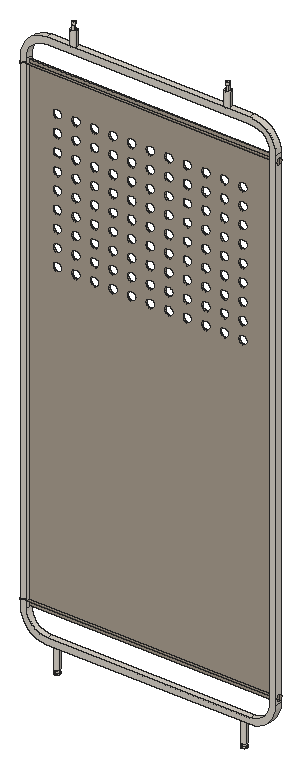
Revit family "okamura_LivesPostBeam150_BLS5D2_ライブス ポストビーム_固定パネル_フェルトパネル_900W2040H", category 家具, Revit 2017
Family settings
  OmniClass 番号 = 23.40.20.00
  OmniClass タイトル = General Furniture and Specialties
  作業面に基づく = いいえ
  常に垂直 = はい
  ロード時にボイドで切り取り = いいえ
  共有 = いいえ
  部屋計算ポイント = いいえ
Parameters (values of type "（ライトグレージュ）")
  製造元 = "株式会社オカムラ"
  製品名称 [instance] = "ライブス ポストビーム"  # constant formula
  製品コード/色仕様 = "LivesPostBeam15"  # constant formula
  製品コード [instance] = "LivesPostBeam15"  # constant formula
  色仕様名称 [instance] = "ライトグレージュ"
  色仕様コード [instance] = ""
  本体 = okm_ZH17
  導入日 [instance] = ""
  共通仕様 = ""
  備考 = ""
  シリアルNo [instance] = ""
  キーノート = "12490"
  パネル = okm_FJZ0
  アセンブリ コード = "E2020200"
  W = 900.0 mm  # constant formula
  URL = "http://www.okamura.co.jp/"
  Product_URL = ""
  ID [instance] = ""
  H = 2040.0 mm  # constant formula
  D = 21.0 mm  # constant formula
  Copyright [instance] = "©2022.10 okamura Corp."  # constant formula
Types (5, lengths in mm): name | 色仕様名称 | 本体
  (no name) | "ライトグレージュ" | okm_ZH17
  （ライトグレージュ） | "ライトグレージュ" | okm_ZH17
  （ブラック） | "ブラック" | okm_ZK25
  （ネオホワイト） | "ネオホワイト" | okm_ZA75
  （ダークグレー） | "ダークグレー" | okm_ZH15
Reference planes
  plane 1 "中心(正面/背面)": y = 0
  plane 2: z = 0
  plane 3 "中心(左/右)": x = 0
  plane 4 "左": x = -450
  plane 5 "右": x = 450
  plane 6 "背面": y = 10.5
  plane 7 "正面": y = -10.5
  plane 8 "上": z = 2040
  plane 9: z = 1990
Forms (mm)
  Extrusion 1, solid, material "okm_ZH17" <- "本体"
    sketch origin (0, 0, 0) x (1, 0, 0) y (0, 0, 1)
      loop
        line (-447.5, 1899) -> (-447.5, 176)
        arc (-447.5, 176) -> (-420.847, 111.653) -> (-356.5, 85) r 91
        line (-356.5, 85) -> (356.5, 85)
        arc (356.5, 85) -> (420.847, 111.653) -> (447.5, 176) r 91
        line (447.5, 176) -> (447.5, 1899)
        arc (447.5, 1899) -> (420.847, 1963.347) -> (356.5, 1990) r 91
        line (356.5, 1990) -> (-356.5, 1990)
        arc (-356.5, 1990) -> (-420.847, 1963.347) -> (-447.5, 1899) r 91
      loop
        arc (-426.5, 176) -> (-405.997, 126.503) -> (-356.5, 106) r 70
        line (-356.5, 106) -> (356.5, 106)
        arc (356.5, 106) -> (405.997, 126.503) -> (426.5, 176) r 70
        line (426.5, 176) -> (426.5, 1899)
        arc (426.5, 1899) -> (405.997, 1948.497) -> (356.5, 1969) r 70
        line (356.5, 1969) -> (-356.5, 1969)
        arc (-356.5, 1969) -> (-405.997, 1948.497) -> (-426.5, 1899) r 70
        line (-426.5, 1899) -> (-426.5, 176)
    from -10.5 to 10.5
  Extrusion 2, solid, material "okm_FJZ0"
    sketch origin (0, 0, 0) x (1, 0, 0) y (0, 0, 1)
      loop
        line (-426, 181.001) -> (426, 181.001) -> (426, 1894.001) -> (-426, 1894.001) -> (-426, 181.001)
      loop
        circle (0, 1755.001) r 15
      loop
        circle (0, 1695.02) r 15
      loop
        circle (0, 1635.04) r 15
      loop
        circle (0, 1515.079) r 15
      loop
        circle (0, 1575.06) r 15
      loop
        circle (0, 1275.158) r 15
      loop
        circle (0, 1335.139) r 15
      loop
        circle (0, 1395.119) r 15
      loop
        circle (0, 1455.099) r 15
      loop
        circle (64.978, 1755.001) r 15
      loop
        circle (64.978, 1695.02) r 15
      loop
        circle (64.978, 1635.04) r 15
      loop
        circle (64.978, 1515.079) r 15
      loop
        circle (64.978, 1575.06) r 15
      loop
        circle (64.978, 1275.158) r 15
      loop
        circle (64.978, 1335.139) r 15
      loop
        circle (64.978, 1395.119) r 15
      loop
        circle (64.978, 1455.099) r 15
      loop
        circle (129.957, 1755.001) r 15
      loop
        circle (129.957, 1695.02) r 15
      loop
        circle (129.957, 1635.04) r 15
      loop
        circle (129.957, 1515.079) r 15
      loop
        circle (129.957, 1575.06) r 15
      loop
        circle (129.957, 1275.158) r 15
      loop
        circle (129.957, 1335.139) r 15
      loop
        circle (129.957, 1395.119) r 15
      loop
        circle (129.957, 1455.099) r 15
      loop
        circle (259.913, 1755.001) r 15
      loop
        circle (259.913, 1695.02) r 15
      loop
        circle (259.913, 1635.04) r 15
      loop
        circle (259.913, 1515.079) r 15
      loop
        circle (259.913, 1575.06) r 15
      loop
        circle (259.913, 1275.158) r 15
      loop
        circle (259.913, 1335.139) r 15
      loop
        circle (259.913, 1395.119) r 15
      loop
        circle (259.913, 1455.099) r 15
      loop
        circle (194.935, 1755.001) r 15
      loop
        circle (194.935, 1695.02) r 15
      loop
        circle (194.935, 1635.04) r 15
      loop
        circle (194.935, 1515.079) r 15
      loop
        circle (194.935, 1575.06) r 15
      loop
        circle (194.935, 1275.158) r 15
      loop
        circle (194.935, 1335.139) r 15
      loop
        circle (194.935, 1395.119) r 15
      loop
        circle (194.935, 1455.099) r 15
      loop
        circle (324.892, 1755.001) r 15
      loop
        circle (324.892, 1695.02) r 15
      loop
        circle (324.892, 1635.04) r 15
      loop
        circle (324.892, 1515.079) r 15
      loop
        circle (324.892, 1575.06) r 15
      loop
        circle (324.892, 1275.158) r 15
      loop
        circle (324.892, 1335.139) r 15
      loop
        circle (324.892, 1395.119) r 15
      loop
        circle (324.892, 1455.099) r 15
      loop
        circle (-64.978, 1755.001) r 15
      loop
        circle (-64.978, 1695.02) r 15
      loop
        circle (-64.978, 1635.04) r 15
      loop
        circle (-64.978, 1515.079) r 15
      loop
        circle (-64.978, 1575.06) r 15
      loop
        circle (-64.978, 1275.158) r 15
      loop
        circle (-64.978, 1335.139) r 15
      loop
        circle (-64.978, 1395.119) r 15
      loop
        circle (-64.978, 1455.099) r 15
      loop
        circle (-129.957, 1755.001) r 15
      loop
        circle (-129.957, 1695.02) r 15
      loop
        circle (-129.957, 1635.04) r 15
      loop
        circle (-129.957, 1515.079) r 15
      loop
        circle (-129.957, 1575.06) r 15
      loop
        circle (-129.957, 1275.158) r 15
      loop
        circle (-129.957, 1335.139) r 15
      loop
        circle (-129.957, 1395.119) r 15
      loop
        circle (-129.957, 1455.099) r 15
      loop
        circle (-259.913, 1755.001) r 15
      loop
        circle (-259.913, 1695.02) r 15
      loop
        circle (-259.913, 1635.04) r 15
      loop
        circle (-259.913, 1515.079) r 15
      loop
        circle (-259.913, 1575.06) r 15
      loop
        circle (-259.913, 1275.158) r 15
      loop
        circle (-259.913, 1335.139) r 15
      loop
        circle (-259.913, 1395.119) r 15
      loop
        circle (-259.913, 1455.099) r 15
      loop
        circle (-194.935, 1755.001) r 15
      loop
        circle (-194.935, 1695.02) r 15
      loop
        circle (-194.935, 1635.04) r 15
      loop
        circle (-194.935, 1515.079) r 15
      loop
        circle (-194.935, 1575.06) r 15
      loop
        circle (-194.935, 1275.158) r 15
      loop
        circle (-194.935, 1335.139) r 15
      loop
        circle (-194.935, 1395.119) r 15
      loop
        circle (-194.935, 1455.099) r 15
      loop
        circle (-324.892, 1755.001) r 15
      loop
        circle (-324.892, 1695.02) r 15
      loop
        circle (-324.892, 1635.04) r 15
      loop
        circle (-324.892, 1515.079) r 15
      loop
        circle (-324.892, 1575.06) r 15
      loop
        circle (-324.892, 1275.158) r 15
      loop
        circle (-324.892, 1335.139) r 15
      loop
        circle (-324.892, 1395.119) r 15
      loop
        circle (-324.892, 1455.099) r 15
    from -1 to 1
  Revolve 3, solid, material "okm_ZH17" <- "本体"
    sketch origin (0, 0, 0) x (1, 0, 0) y (0, 0, 1)
      loop
        line (-270, 2065) -> (-276, 2065) -> (-276, 2059) -> (-274, 2059) -> (-274, 2040) -> (-280, 2040) -> (-280, 1990) -> (-270, 1990) -> (-270, 2065)
      axis (-270, 2065) -> (-270, 1990)
    angle from 0 to 360
  Revolve 4, solid, material "okm_ZH17" <- "本体"
    sketch origin (0, 0, 0) x (-1, 0, 0) y (0, 0, 1)
      loop
        line (-270, 2065) -> (-276, 2065) -> (-276, 2059) -> (-274, 2059) -> (-274, 2040) -> (-280, 2040) -> (-280, 1990) -> (-270, 1990) -> (-270, 2065)
      axis (-270, 2065) -> (-270, 1990)
    angle from 0 to 360
  Revolve 5, solid, material "okm_ZH17" <- "本体"
    sketch origin (0, 0, 2075) x (1, 0, 0) y (0, 0, -1)
      loop
        line (-337.05, 2060) -> (-337.05, 1990) -> (-327.5, 1990) -> (-327.5, 2075) -> (-336.481, 2075)
        arc (-336.481, 2075) -> (-337.188, 2074.707) -> (-337.481, 2074) r 1
        line (-337.481, 2074) -> (-337.481, 2072)
        arc (-337.481, 2072) -> (-337.188, 2071.293) -> (-336.481, 2071) r 1
        line (-336.481, 2071) -> (-335.006, 2071) -> (-335.006, 2065) -> (-332.5, 2065)
        arc (-332.5, 2065) -> (-331.793, 2064.707) -> (-331.5, 2064) r 1
        line (-331.5, 2064) -> (-331.5, 2060) -> (-337.05, 2060)
      axis (-327.5, 1990) -> (-327.5, 2075)
    angle from 0 to 360
  Revolve 6, solid, material "okm_ZH17" <- "本体"
    sketch origin (0, 0, 2075) x (-1, 0, 0) y (0, 0, -1)
      loop
        line (-337.05, 2060) -> (-337.05, 1990) -> (-327.5, 1990) -> (-327.5, 2075) -> (-336.481, 2075)
        arc (-336.481, 2075) -> (-337.188, 2074.707) -> (-337.481, 2074) r 1
        line (-337.481, 2074) -> (-337.481, 2072)
        arc (-337.481, 2072) -> (-337.188, 2071.293) -> (-336.481, 2071) r 1
        line (-336.481, 2071) -> (-335.006, 2071) -> (-335.006, 2065) -> (-332.5, 2065)
        arc (-332.5, 2065) -> (-331.793, 2064.707) -> (-331.5, 2064) r 1
        line (-331.5, 2064) -> (-331.5, 2060) -> (-337.05, 2060)
      axis (-327.5, 1990) -> (-327.5, 2075)
    angle from 0 to 360
  Revolve 7, solid, material "okm_FJZ0"
    sketch origin (0, 0, 0) x (1, 0, 0) y (0, 0, 1)
      loop
        line (447.5, 200.201) -> (-447.5, 200.201) -> (-447.5, 205.201) -> (-450, 205.201) -> (-450, 196.201) -> (450, 196.201) -> (450, 205.201) -> (447.5, 205.201) -> (447.5, 200.201)
      axis (450, 196.201) -> (-450, 196.201)
    angle from 0 to 360
  Revolve 8, solid, material "okm_FJZ0"
    sketch origin (0, 0, 2075) x (1, 0, 0) y (0, 0, -1)
      loop
        line (447.5, 200.201) -> (-447.5, 200.201) -> (-447.5, 205.201) -> (-450, 205.201) -> (-450, 196.201) -> (450, 196.201) -> (450, 205.201) -> (447.5, 205.201) -> (447.5, 200.201)
      axis (450, 196.201) -> (-450, 196.201)
    angle from 0 to 360
Lines and regions (mm)
  Masking region 1
    outline origin (0, 0, 0) x (1, 0, 0) y (0, 1, 0)
      loop
        line (-450, 10.5) -> (-450, -10.5) -> (450, -10.5) -> (450, 10.5) -> (-450, 10.5)
  symbolic lines, style "okm_標準・詳細", detail levels medium+fine
    curve 1: line (-450, -17.5, 0) -> (-450, 17.5, 0)
  symbolic lines, style "okm_簡略", detail levels coarse
    curve 2: line (-450, 17.5, 0) -> (-450, -17.5, 0)
Dimensions and locks
  equal spacing: plane 4 "左", plane 3 "中心(左/右)", plane 5 "右"
  "W": plane 4 "左" to plane 5 "右"
  equal spacing: plane 7 "正面", plane 1 "中心(正面/背面)", plane 6 "背面"
  "D": plane 7 "正面" to plane 6 "背面"
  "H": plane 8 "上" to level
  plane 8 "上" to plane 9 = 50.0 mm
  aligned and locked: level to plane 2
Automatic sketch dimensions
  curve 1 to plane 4 "左" = 0.0 mm
  plane 7 "正面" to curve 2 = 7.0 mm
  curve 2 to plane 6 "背面" = 7.0 mm
  Extrusion 1 sketch curve to Extrusion 1 sketch curve = 0.0 mm  (x8)
  Extrusion 1 sketch curve to plane 9 = 0.0 mm
  plane 4 "左" to Extrusion 1 sketch curve = 2.5 mm
  Extrusion 1 sketch curve to Extrusion 1 sketch curve = 21.0 mm
  Extrusion 1 sketch curve to Extrusion 1 sketch curve = 70.0 mm  (x2)
  Extrusion 1 sketch curve to plane 5 "右" = 93.5 mm  (x2)
  Extrusion 1 sketch curve to plane 5 "右" = 23.5 mm
  level to Extrusion 1 sketch curve = 176.0 mm
  Extrusion 2 sketch curve to plane 3 "中心(左/右)" = 0.0 mm  (x9)
  Extrusion 2 sketch curve to Extrusion 2 sketch curve = 64.978 mm  (x25)
  Extrusion 2 sketch curve to Extrusion 2 sketch curve = 0.0 mm  (x72)
  plane 4 "左" to Extrusion 2 sketch curve = 24.0 mm
  plane 3 "中心(左/右)" to Extrusion 2 sketch curve = 64.978 mm  (x3)
  Extrusion 2 sketch curve to plane 5 "右" = 24.0 mm
  level to Extrusion 2 sketch curve = 181.001 mm
  Extrusion 2 sketch curve to plane 9 = 714.842 mm
  Extrusion 2 sketch curve to Extrusion 2 sketch curve = 59.98 mm  (x88)
  Extrusion 2 sketch curve to plane 9 = 95.999 mm
  Masking region 1 sketch curve to plane 4 "左" = 0.0 mm
  Masking region 1 sketch curve to plane 5 "右" = 0.0 mm
  plane 7 "正面" to Masking region 1 sketch curve = 0.0 mm
  plane 6 "背面" to Masking region 1 sketch curve = 0.0 mm
  Revolve 3 sketch curve to plane 9 = 0.0 mm
  Revolve 3 sketch curve to plane 8 "上" = 0.0 mm
  plane 4 "左" to Revolve 3 sketch curve = 170.0 mm
  Revolve 3 sketch curve to Revolve 3 sketch curve = 4.0 mm
  Revolve 3 sketch curve to Revolve 3 sketch curve = 6.0 mm  (x2)
  Revolve 3 sketch curve to Revolve 3 sketch curve = 10.0 mm
  plane 8 "上" to Revolve 3 sketch curve = 19.0 mm
  Revolve 3 sketch curve to Revolve 3 sketch curve = 0.0 mm
  Revolve 3 sketch curve to Revolve 3 sketch curve = 1.0 mm
  Revolve 3 sketch curve to Revolve 3 sketch curve = 15.0 mm
  Revolve 4 sketch curve to plane 9 = 0.0 mm
  Revolve 4 sketch curve to plane 8 "上" = 0.0 mm
  plane 5 "右" to Revolve 4 sketch curve = 170.0 mm
  Revolve 4 sketch curve to Revolve 4 sketch curve = 4.0 mm
  Revolve 4 sketch curve to Revolve 4 sketch curve = 6.0 mm  (x2)
  Revolve 4 sketch curve to Revolve 4 sketch curve = 10.0 mm
  Revolve 4 sketch curve to plane 8 "上" = 19.0 mm
  Revolve 4 sketch curve to Revolve 4 sketch curve = 0.0 mm
  Revolve 4 sketch curve to Revolve 4 sketch curve = 1.0 mm
  Revolve 4 sketch curve to Revolve 4 sketch curve = 15.0 mm
  Revolve 5 sketch curve to level = 0.0 mm  (x2)
  Revolve 5 sketch curve to level = 3.0 mm
  Revolve 5 sketch curve to plane 4 "左" = 112.519 mm
  Revolve 5 sketch curve to Revolve 5 sketch curve = 0.431 mm
  Revolve 5 sketch curve to Revolve 5 sketch curve = 1.0 mm  (x3)
  Revolve 5 sketch curve to Revolve 5 sketch curve = 1.476 mm
  Revolve 5 sketch curve to Revolve 5 sketch curve = 2.506 mm
  Revolve 5 sketch curve to Revolve 5 sketch curve = 9.55 mm
  Revolve 5 sketch curve to Revolve 5 sketch curve = 6.0 mm
  Revolve 5 sketch curve to Revolve 5 sketch curve = 4.0 mm
  Revolve 5 sketch curve to Revolve 5 sketch curve = 70.0 mm
  Revolve 5 sketch curve to Revolve 5 sketch curve = 0.0 mm
  Revolve 5 sketch curve to Revolve 5 sketch curve = 25.0 mm
  Revolve 6 sketch curve to level = 0.0 mm  (x2)
  level to Revolve 6 sketch curve = 3.0 mm
  Revolve 6 sketch curve to plane 5 "右" = 112.519 mm
  Revolve 6 sketch curve to Revolve 6 sketch curve = 0.431 mm
  Revolve 6 sketch curve to Revolve 6 sketch curve = 1.0 mm  (x3)
  Revolve 6 sketch curve to Revolve 6 sketch curve = 1.476 mm
  Revolve 6 sketch curve to Revolve 6 sketch curve = 2.506 mm
  Revolve 6 sketch curve to Revolve 6 sketch curve = 9.55 mm
  Revolve 6 sketch curve to Revolve 6 sketch curve = 6.0 mm
  Revolve 6 sketch curve to Revolve 6 sketch curve = 4.0 mm
  Revolve 6 sketch curve to Revolve 6 sketch curve = 70.0 mm
  Revolve 6 sketch curve to Revolve 6 sketch curve = 0.0 mm
  Revolve 6 sketch curve to level = 25.0 mm
  Revolve 7 sketch curve to plane 4 "左" = 0.0 mm  (x2)
  Revolve 7 sketch curve to plane 5 "右" = 0.0 mm
  Revolve 7 sketch curve to Revolve 7 sketch curve = 2.5 mm
  Revolve 7 sketch curve to plane 5 "右" = 2.5 mm
  level to Revolve 7 sketch curve = 196.201 mm
  Revolve 7 sketch curve to Revolve 7 sketch curve = 4.0 mm
  Revolve 7 sketch curve to Revolve 7 sketch curve = 5.0 mm  (x2)
  Revolve 7 sketch curve to plane 4 "左" = 28.036 mm
  Revolve 7 sketch curve to Revolve 7 sketch curve = 0.0 mm
  Revolve 8 sketch curve to plane 4 "左" = 0.0 mm  (x2)
  Revolve 8 sketch curve to plane 5 "右" = 0.0 mm
  Revolve 8 sketch curve to Revolve 8 sketch curve = 2.5 mm
  plane 5 "右" to Revolve 8 sketch curve = 2.5 mm
  plane 9 to Revolve 8 sketch curve = 111.201 mm
  Revolve 8 sketch curve to Revolve 8 sketch curve = 4.0 mm
  Revolve 8 sketch curve to Revolve 8 sketch curve = 5.0 mm  (x2)
  plane 4 "左" to Revolve 8 sketch curve = 28.036 mm
  Revolve 8 sketch curve to Revolve 8 sketch curve = 0.0 mm
  radius of Extrusion 2 sketch curve = 15.0 mm  (x99)
